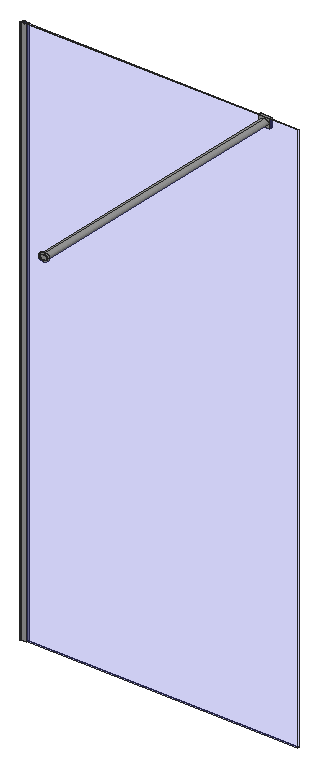
Revit family "Barreira 1000 Shower Screen", category Plumbing Fixtures, Revit 2024
Family settings
  Round Connector Dimension = Use Diameter
  Part Type = Normal
  OmniClass Number = 23.45.00.00
  OmniClass Title = Sanitary, Laundry, and Cleaning Equipment
  Work Plane-Based = No
  Enable Cutting in Views = No
  Always vertical = Yes
  Cut with Voids When Loaded = No
  Maintain Annotation Orientation = No
  Shared = No
  Room Calculation Point = No
Parameters (values of type "Barriere 1000 Shower Screen - Silver")
  URL = "https://www.lecicosa.co.za/product/barriera-wall-mounted-shower-screen-silver/"
  Technical Dimensions = "W1000 x H2000 x D06mm"
  Stainless Steel = Stainless Steel, Polished
  Product Code = "SHOSCRBARSILVBS"
  Model = "Barriere 1000 Shower Screen -Silver"
  Material = "Toughened Safety Glass"
  Manufacturer = "Lecico SA"
  Glass = Glass
  Fixing Details = "Stainlesss Steel Stabiliser Bar (Adjustable)"
  Default Elevation = 0 mm
  Created By = "Knowbility Skills Lab"
  Colour = "Silver"
  Category = "Shower Screens"
Types (3, lengths in mm): name | URL | Stainless Steel | Product Code | Model | Colour
  (no name) | "https://www.lecicosa.co.za/product/barriera-wall-mounted-shower-screen-silver/" | Stainless Steel, Polished | "SHOSCRBARSILVBS" | "Barriere 1000 Shower Screen -Silver" | "Silver"
  Barriere 1000 Shower Screen - Silver | "https://www.lecicosa.co.za/product/barriera-wall-mounted-shower-screen-silver/" | Stainless Steel, Polished | "SHOSCRBARSILVBS" | "Barriere 1000 Shower Screen -Silver" | "Silver"
  Barriere 1000 Shower Screen - Black | "https://www.lecicosa.co.za/product/barriera-wall-mounted-shower-screen-black/" | Black Powdercoat | "SHOSCRBARBLACBS" | "Barriere 1000 Shower Screen -Black" | "Black"
Reference planes
  plane 1 "Center (Front/Back)": y = 0
  plane 2: z = 0
  plane 3 "Center (Left/Right)": x = 0
Forms (mm)
  Extrusion 1, solid, material "Glass" <- "Glass"
    sketch origin (2, 1000, 0) x (1, 0, 0) y (0, 1, 0)
      loop
        line (0, 0) -> (1000, 0) -> (1000, 6) -> (0, 6) -> (0, 0)
    from 0 to 2000
  Extrusion 2, solid, material "Stainless Steel, Polished" <- "Stainless Steel"
    sketch origin (2, 1000, 0) x (1, 0, 0) y (0, 1, 0)
      loop
        line (0, 6.5) -> (20, 6.5) -> (20, 7.5) -> (-2, 8.653) -> (-2, -2.653) -> (20, -1.5) -> (20, -0.5) -> (0, -0.5) -> (0, 6.5)
    from 0 to 2000
  Extrusion 3, solid, material "Stainless Steel, Polished" <- "Stainless Steel"
    sketch origin (862, 1000, 0) x (0, 1, 0) y (0, 0, 1)
      loop
        line (6.5, 2000.5) -> (6.5, 1970.5) -> (8.1, 1970.5) -> (8.1, 2002.1) -> (-2.6, 2002.1) -> (-2.6, 1970.5) -> (-1, 1970.5) -> (-1, 2000.5) -> (6.5, 2000.5)
    from 0 to 40
  Extrusion 4, solid, material "Stainless Steel, Polished" <- "Stainless Steel"
    sketch origin (0, 1000, 0) x (1, 0, 0) y (0, 0, 1)
      loop
        spline (882, 1976.3) -> (885.882, 1976.641) -> (889.5, 1977.64) -> (892.607, 1979.229) -> (894.99, 1981.3) -> (896.489, 1983.712) -> (897, 1986.3) -> (896.489, 1988.888) -> (894.99, 1991.3) -> (892.607, 1993.371) -> (889.5, 1994.96) -> (885.882, 1995.959) -> (882, 1996.3)
        spline (882, 1996.3) -> (878.118, 1995.959) -> (874.5, 1994.96) -> (871.393, 1993.371) -> (869.01, 1991.3) -> (867.511, 1988.888) -> (867, 1986.3) -> (867.511, 1983.712) -> (869.01, 1981.3) -> (871.393, 1979.229) -> (874.5, 1977.64) -> (878.118, 1976.641) -> (882, 1976.3)
    from 2.6 to 1000
  Extrusion 5, solid, material "Stainless Steel, Polished" <- "Stainless Steel"
    sketch origin (0, 0, 0) x (1, 0, 0) y (0, 0, 1)
      loop
        spline (882, 1976.3) -> (885.882, 1976.641) -> (889.5, 1977.64) -> (892.607, 1979.229) -> (894.99, 1981.3) -> (896.489, 1983.712) -> (897, 1986.3) -> (896.489, 1988.888) -> (894.99, 1991.3) -> (892.607, 1993.371) -> (889.5, 1994.96) -> (885.882, 1995.959) -> (882, 1996.3)
        spline (882, 1996.3) -> (878.118, 1995.959) -> (874.5, 1994.96) -> (871.393, 1993.371) -> (869.01, 1991.3) -> (867.511, 1988.888) -> (867, 1986.3) -> (867.511, 1983.712) -> (869.01, 1981.3) -> (871.393, 1979.229) -> (874.5, 1977.64) -> (878.118, 1976.641) -> (882, 1976.3)
      loop
        spline (882, 1973.3) -> (886.41, 1973.688) -> (890.577, 1974.839) -> (894.271, 1976.733) -> (897.26, 1979.338) -> (899.272, 1982.593) -> (900, 1986.3) -> (899.272, 1990.007) -> (897.26, 1993.262) -> (894.271, 1995.867) -> (890.577, 1997.761) -> (886.41, 1998.912) -> (882, 1999.3)
        spline (882, 1999.3) -> (877.59, 1998.912) -> (873.423, 1997.761) -> (869.729, 1995.867) -> (866.74, 1993.262) -> (864.728, 1990.007) -> (864, 1986.3) -> (864.728, 1982.593) -> (866.74, 1979.338) -> (869.729, 1976.733) -> (873.423, 1974.839) -> (877.59, 1973.688) -> (882, 1973.3)
    from 0 to -4
Dimensions and locks
  aligned and locked: level to plane 2
